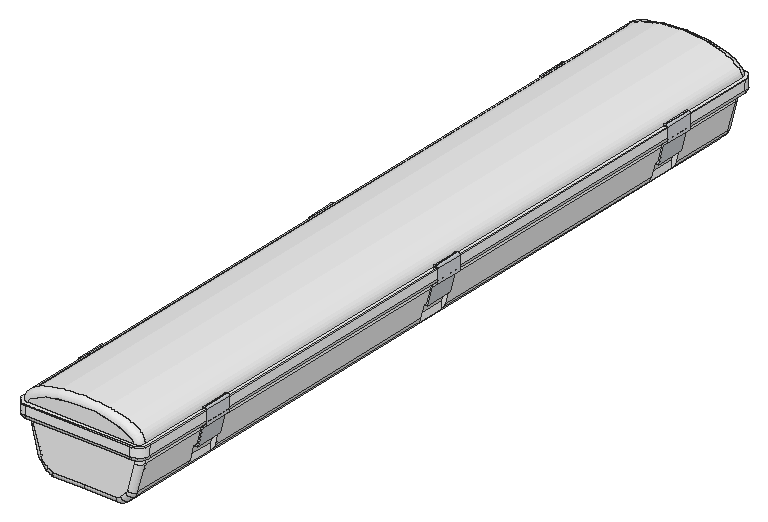
Revit family "0048771 Feilo Sylvania Lighting Fixture HYDROPROOF LED G3 600MM S 4K D", category Lighting Fixtures, host Face, Revit 2016
Family settings
  Host = Face
  Part Type = Normal
  Round Connector Dimension = Use Diameter
  OmniClass Number = 23.80.70.11.14
  OmniClass Title = General Luminaries, Directional
  Cut with Voids When Loaded = No
  Light Source = Yes
  Shared = No
  Room Calculation Point = No
Parameters (values of type "0048771 HYDROPROOF LED G3 600MM S 4K D")
  Width = 110 mm
  Weight = "1.12 kg"
  Wattage Comments = "n/a"
  Wattage = 14 W
  WarrantyStartDate [instance] = "n/a"
  WarrantyGuarantorParts = "n/a"
  WarrantyDurationUnit = "n/a"
  WarrantyDurationParts = "n/a"
  WarrantyDescription = "n/a"
  built-in parameter 1150110 = 1 (stored number, unit not read)
  Voltage = 230 V
  URL = "http://www.sylvania-lighting.com"
  TypeName = "HYDROPROOF LED G3 600MM S 4K D"
  Type Image = <None>
  Type Comments = "n/a"
  built-in parameter 1114217 = 1 (stored number, unit not read)
  Tilt Angle = -90.00°
  built-in parameter 1150109 = 1 (stored number, unit not read)
  built-in parameter 1150134 = 12
  built-in parameter 1150113 = 1 (stored number, unit not read)
  SerialNumber [instance] = "n/a"
  ReflectorMaterial = none
  PowerFactor = 0
  PowerConsumption = "14 W"
  Photometric Web File = "0048771.ies"
  NominalWidth = 0 mm
  NominalLength = 665 mm
  NominalHeight = 78 mm
  Name = "HYDROPROOF LED G3 600MM S 4K D"
  ModelReference = "HYDROPROOF LED G3 600MM S 4K D"
  ModelNumber = "0048771"
  Model = "HYDROPROOF LED G3 600MM S 4K D"
  Material = "grp housing, pmma diffuser"
  ManufacturerName = "Feilo Sylvania"
  Manufacturer = "Feilo Sylvania"
  LuminousEfficacy = "135 lm/W"
  built-in parameter 1150105 = 150.4 (stored number, unit not read)
  Lumens = 1890 lm
  LuminaireType = ""
  built-in parameter 1150115 = 1 (stored number, unit not read)
  LightOutputRatio = "n/a"
  built-in parameter 1150137 = (empty or 0)
  built-in parameter 1150139 = (empty or 0)
  Length = 665 mm
  LampsType = Lamp  # "LED"
  LampNominalLuminous = "1900 lm"
  LampMacAdamStep = "3"
  LampColourTemperature = "4000 K"
  LampColourRenderingIndex = "80"
  built-in parameter 1150112 = 1 (stored number, unit not read)
  built-in parameter 1150114 = 1 (stored number, unit not read)
  Lamp = "LED"
  Keynote = "16500"
  InstallationDate [instance] = "n/a"
  InputVoltage = "220-240V~"
  InputNominalFrequency = "DC/50/60 Hz"
  built-in parameter 1150132 = (empty or 0)
  built-in parameter 1150102 = (empty or 0)
  built-in parameter 1150107 = 4000 (stored number, unit not read)
  built-in parameter 1150138 = (empty or 0)
  IngressProtection = "IP65"
  ImpactProtectionIndex = "IK02"
  built-in parameter 1150106 = 1.504 (stored number, unit not read)
  IfcExportType = "IfcLightFixtureType"
  IfcExportAs = "IfcLightFixtureType"
  ExpectedLife = 50000
  Emit from Rectangle Width = Width - 20 mm  # 90 mm
  Emit from Rectangle Length = Length - 20 mm  # 645 mm
  Emit Shape Visible in Rendering = no
  ElectricShockClassification = "Class I"
  built-in parameter 1150104 = 12.542 (stored number, unit not read)
  DurationUnit = "hours"
  DocumentationLiterature = "http://www.sylvania-lighting.com/product/en-int/products/0048771"
  DimmingControlOptions = "Dimmable"
  Dimming Lamp Color Temperature Shift = <None>
  DiffuserMaterial = Diffuser-Sylvania-Transparent
  Description = "Hydroproof, integrated LED chemical resistant weatherproof luminaire, with UV stabilized flat diffuser and linear prisms designed to achieve uniform lit appearance, optimise light output and to reduce glare, stainless steel diffuser clips and fixing brackets for surface and wall mounting. L 665 mm x W 110 mm x H 78 mm size, GRP housing, PMMA diffuser, DALI dimmable, 4000K, CRI80,  1900 lm, 14 W, 135 lm/W, nominal average life (h):50000, energy class: A++ A+ A Class I,IK02, IP65."
  Default Elevation = 1219.2 mm
  CreatedOn = "3/27/2018"
  CreatedBy = "aron.fodor@feilosylvania.com"
  Cost = 0
  Color Filter = 16777215
  built-in parameter 1114216 [instance] = (empty or 0)
  ClassificationValue = "EF_70_80"
  ClassificationName = "Uniclass2015"
  BracketOffset_FEILO = 360 mm
  BodyMaterial = Body-Sylvania-Gray
  BarCode [instance] = "n/a"
  built-in parameter 1114218 = 1 (stored number, unit not read)
  built-in parameter 1150133 = 10 (stored number, unit not read)
  AssetType = "Fixed"
  AssetIdentifier [instance] = "n/a"
  Assembly Code = "D5020200"
  Apparent Load = 14 VA
  AccessoryMaterial = Diffuser-Sylvania-Glow
Reference planes
  plane 1 "Center (Front/Back)": y = 0
  plane 2: z = 0
  plane 3 "Center (Left/Right)": x = 0
  plane 4: z = 54
  plane 5: x = -27.7
  plane 6: x = -34.8
  plane 7: x = -39.6
  plane 8: x = -42.2
  plane 9: z = 3
  plane 10: z = 7.8
  plane 11: z = 12.3
  plane 12: z = 36.6
  plane 13: z = 42.8
  plane 14: x = -51.1
  plane 15: z = 46.2
  plane 16: x = -55
  plane 17: y = 332.5
  plane 18: y = -332.5
  plane 19: x = 27.7
  plane 20: x = 34.8
  plane 21: x = 39.6
  plane 22: x = 42.2
  plane 23: x = 51.1
  plane 24: x = 55
  plane 25: y = 324.9
  plane 26: y = -324.9
  plane 27: y = -321.2
  plane 28: y = 321.2
  plane 29: z = 74
  plane 30: x = -51.5
  plane 31: x = 51.5
  plane 32: z = 55.2
  plane 33: y = -329
  plane 34: y = 329
  plane 35: x = -37.5
  plane 36: x = 37.5
  plane 37: x = -48.7
  plane 38: x = 48.7
  plane 39: z = 50.2
  plane 40: z = 24.6
  plane 41: y = 720
  plane 42: y = 706
  plane 43: y = 734
  plane 44: y = 250
  plane 45: y = 236
  plane 46: y = 264
  plane 47: y = 0
  plane 48: y = -14
  plane 49: y = 14
  plane 50: y = -250
  plane 51: y = -264
  plane 52: y = -236
Forms (mm)
  Sweep 1, solid, material "Body-Sylvania-Gray" <- "BodyMaterial", detail levels medium+fine
    path origin (1223.4, -4572, 54) x (0, -1, 0) y (1, 0, 0)
      loop
        arc (-4249.5, -1278.4) -> (-4242.429, -1275.471) -> (-4239.5, -1268.4) r 10
        line (-4239.5, -1268.4) -> (-4239.5, -1178.4)
        arc (-4239.5, -1178.4) -> (-4242.429, -1171.329) -> (-4249.5, -1168.4) r 10
        line (-4249.5, -1168.4) -> (-4894.5, -1168.4)
        arc (-4894.5, -1168.4) -> (-4901.571, -1171.329) -> (-4904.5, -1178.4) r 10
        line (-4904.5, -1178.4) -> (-4904.5, -1268.4)
        arc (-4904.5, -1268.4) -> (-4901.571, -1275.471) -> (-4894.5, -1278.4) r 10
        line (-4894.5, -1278.4) -> (-4249.5, -1278.4)
    profile origin (-55, 0, 54) x (-1, 0, 0) y (0, 0, 1)
      loop
        line (0, 0) -> (-1, 0) -> (-1, -7.726)
        arc (-1, -7.726) -> (-1.994, -9.498) -> (-3.9, -10.2) r 2.937
        line (-3.9, -10.2) -> (-8.571, -10.2) -> (-8.571, -11.2) -> (-3.9, -11.2)
        arc (-3.9, -11.2) -> (-1.313, -10.231) -> (0, -7.8) r 3.937
        line (0, -7.8) -> (0, 0)
  Sweep 2, solid, material "Body-Sylvania-Gray" <- "BodyMaterial", detail levels medium+fine
    path origin (0, 0, 0) x (1, 0, 0) y (0, 0, 1)
      loop
        line (48.7, 42.8) -> (48.7, 36.6) -> (42.203, 12.31)
        arc (42.203, 12.31) -> (41.199, 9.884) -> (39.6, 7.8) r 10.052
        line (39.6, 7.8) -> (34.8, 3)
        arc (34.8, 3) -> (31.554, 0.781) -> (27.7, 0) r 9.902
        line (27.7, 0) -> (0, 0) -> (-27.7, 0)
        arc (-27.7, 0) -> (-31.554, 0.781) -> (-34.8, 3) r 9.902
        line (-34.8, 3) -> (-39.6, 7.8)
        arc (-39.6, 7.8) -> (-41.199, 9.884) -> (-42.203, 12.31) r 10.052
        line (-42.203, 12.31) -> (-48.7, 36.6) -> (-48.7, 42.8)
    profile origin (0, 0, 0) x (0, 0, -1) y (0, -1, 0)
      loop
        arc (0, 319.9) -> (-1.464, 323.436) -> (-5, 324.9) r 5
        line (-5, 324.9) -> (-7.8, 324.9) -> (-7.8, -324.9) -> (-5, -324.9)
        arc (-5, -324.9) -> (-1.464, -323.436) -> (0, -319.9) r 5
        line (0, -319.9) -> (0, 319.9)
  Extrusion 3, solid, material "Body-Sylvania-Gray" <- "BodyMaterial", detail levels medium+fine
    sketch origin (1524, 324.9, 1219.2) x (1, 0, 0) y (0, 0, 1)
      loop
        arc (-1558.668, -1204.874) -> (-1558.443, -1205.418) -> (-1558.085, -1205.885) r 2.252
        line (-1558.085, -1205.885) -> (-1553.231, -1210.738)
        arc (-1553.231, -1210.738) -> (-1552.534, -1211.227) -> (-1551.7, -1211.4) r 2.102
        line (-1551.7, -1211.4) -> (-1496.3, -1211.4)
        arc (-1496.3, -1211.4) -> (-1495.466, -1211.227) -> (-1494.769, -1210.738) r 2.102
        line (-1494.769, -1210.738) -> (-1489.915, -1205.885)
        arc (-1489.915, -1205.885) -> (-1489.557, -1205.418) -> (-1489.332, -1204.874) r 2.252
        line (-1489.332, -1204.874) -> (-1483.1, -1181.575) -> (-1483.1, -1176.4) -> (-1564.9, -1176.4) -> (-1564.9, -1181.575) -> (-1558.668, -1204.874)
    from 0 to 649.8
  Sweep 4, solid, material "Diffuser-Sylvania-Transparent" <- "DiffuserMaterial", detail levels medium+fine
    path origin (0, 0, 0) x (1, 0, 0) y (0, 0, 1)
      loop
        spline (-51.5, 55.2) -> (-49.745, 60.066) -> (-44.6, 64.6) -> (-36.416, 68.494) -> (-25.75, 71.481) -> (-13.329, 73.359) -> (0, 74) -> (13.329, 73.359) -> (25.75, 71.481) -> (36.416, 68.494) -> (44.6, 64.6) -> (49.745, 60.066) -> (51.5, 55.2)
    profile origin (51.5, 0, 55.2) x (0, -1, 0) y (1, 0, 0)
      loop
        arc (329, -5.5) -> (327.389, -1.611) -> (323.5, 0) r 5.5
        line (323.5, 0) -> (-323.5, 0)
        arc (-323.5, 0) -> (-327.389, -1.611) -> (-329, -5.5) r 5.5
        line (-329, -5.5) -> (-329, -6.3) -> (-328, -6.3) -> (-328, -5.5)
        arc (-328, -5.5) -> (-326.682, -2.318) -> (-323.5, -1) r 4.5
        line (-323.5, -1) -> (323.5, -1)
        arc (323.5, -1) -> (326.682, -2.318) -> (328, -5.5) r 4.5
        line (328, -5.5) -> (328, -6.347) -> (329, -6.347) -> (329, -5.5)
  Extrusion 5, solid, material "Diffuser-Sylvania-Transparent" <- "DiffuserMaterial", detail levels medium+fine
    sketch origin (1524, -329, 1219.2) x (1, 0, 0) y (0, 0, 1)
      loop
        line (-1569.653, -1164) -> (-1478.347, -1164)
        spline (-1478.347, -1164) -> (-1478.969, -1162.594) -> (-1482.527, -1159.545) -> (-1489.588, -1156.201) -> (-1499.458, -1153.445) -> (-1511.242, -1151.663) -> (-1524, -1151.049) -> (-1536.758, -1151.663) -> (-1548.542, -1153.445) -> (-1558.412, -1156.201) -> (-1565.473, -1159.545) -> (-1569.031, -1162.594) -> (-1569.653, -1164)
    from 0 to -1
  Extrusion 6, solid, material "Diffuser-Sylvania-Transparent" <- "DiffuserMaterial", detail levels medium+fine
    sketch origin (1524, 329, 1219.2) x (1, 0, 0) y (0, 0, 1)
      loop
        spline (-1478.3, -1164) -> (-1478.931, -1162.565) -> (-1482.502, -1159.505) -> (-1489.572, -1156.155) -> (-1499.446, -1153.394) -> (-1511.236, -1151.614) -> (-1524, -1151.007) -> (-1536.764, -1151.614) -> (-1548.554, -1153.394) -> (-1558.428, -1156.155) -> (-1565.498, -1159.505) -> (-1569.069, -1162.565) -> (-1569.7, -1164)
        line (-1569.7, -1164) -> (-1478.3, -1164)
    from 0 to 1
  Extrusion 7, solid, material "Diffuser-Sylvania-Transparent" <- "DiffuserMaterial", detail levels medium+fine
    sketch origin (1223.4, -4572, 55.2) x (0, -1, 0) y (-1, 0, 0)
      loop
        arc (-4900, 1177.4) -> (-4898.682, 1174.218) -> (-4895.5, 1172.9) r 4.5
        line (-4895.5, 1172.9) -> (-4248.5, 1172.9)
        arc (-4248.5, 1172.9) -> (-4245.318, 1174.218) -> (-4244, 1177.4) r 4.5
        line (-4244, 1177.4) -> (-4244, 1269.4)
        arc (-4244, 1269.4) -> (-4245.318, 1272.582) -> (-4248.5, 1273.9) r 4.5
        line (-4248.5, 1273.9) -> (-4895.5, 1273.9)
        arc (-4895.5, 1273.9) -> (-4898.682, 1272.582) -> (-4900, 1269.4) r 4.5
        line (-4900, 1269.4) -> (-4900, 1177.4)
      loop
        line (-4904.5, 1268.4) -> (-4904.5, 1178.4)
        arc (-4904.5, 1178.4) -> (-4901.571, 1171.329) -> (-4894.5, 1168.4) r 10
        line (-4894.5, 1168.4) -> (-4249.5, 1168.4)
        arc (-4249.5, 1168.4) -> (-4242.429, 1171.329) -> (-4239.5, 1178.4) r 10
        line (-4239.5, 1178.4) -> (-4239.5, 1268.4)
        arc (-4239.5, 1268.4) -> (-4242.429, 1275.471) -> (-4249.5, 1278.4) r 10
        line (-4249.5, 1278.4) -> (-4894.5, 1278.4)
        arc (-4894.5, 1278.4) -> (-4901.571, 1275.471) -> (-4904.5, 1268.4) r 10
    from 0 to 1.2
  Extrusion 8, solid, material "Diffuser-Sylvania-Glow" <- "AccessoryMaterial", detail levels fine
    sketch origin (0, 0, 0) x (1, 0, 0) y (0, 0, 1)
      loop
        circle (0, 50.2) r 8
    from -321.2 to 321.2
  Extrusion 9, solid, material "Body-Sylvania-Gray" <- "BodyMaterial", detail levels coarse
    sketch origin (0, 0, 0) x (1, 0, 0) y (0, 0, 1)
      loop
        line (55, 42.8) -> (55, 55.2) -> (-55, 55.2) -> (-55, 42.791) -> (-42.2, 0) -> (42.2, 0) -> (55, 42.8)
    from -332.5 to 332.5
  Extrusion 10, solid, material "Diffuser-Sylvania-Transparent" <- "DiffuserMaterial", detail levels coarse
    sketch origin (0, 0, 0) x (1, 0, 0) y (0, 0, 1)
      loop
        arc (51.5, 55.2) -> (0, 74) -> (-51.5, 55.2) r 79.939
        line (-51.5, 55.2) -> (51.5, 55.2)
    from 324.9 to -324.9
  Extrusion 11, void, not visible
    sketch origin (0, 720, 2343.807) x (0, 0, -1) y (-1, 0, 0)
      loop
        line (2340.807, -37.5) -> (2331.507, -37.5) -> (2319.207, -42.2) -> (2319.207, -48.7) -> (2340.807, -48.7) -> (2340.807, -37.5)
      loop
        line (2340.807, 37.5) -> (2340.807, 48.7) -> (2319.207, 48.7) -> (2319.207, 42.2) -> (2331.507, 37.5) -> (2340.807, 37.5)
    from -14 to 14
  Extrusion 12, void
    sketch origin (0, 250, 2343.807) x (0, 0, -1) y (-1, 0, 0)
      loop
        line (2340.807, -37.5) -> (2331.507, -37.5) -> (2319.207, -42.2) -> (2319.207, -48.7) -> (2340.807, -48.7) -> (2340.807, -37.5)
      loop
        line (2340.807, 37.5) -> (2340.807, 48.7) -> (2319.207, 48.7) -> (2319.207, 42.2) -> (2331.507, 37.5) -> (2340.807, 37.5)
    from -14 to 14
  Extrusion 13, void
    sketch origin (0, 0, 2343.807) x (0, 0, -1) y (-1, 0, 0)
      loop
        line (2340.807, -37.5) -> (2331.507, -37.5) -> (2319.207, -42.2) -> (2319.207, -48.7) -> (2340.807, -48.7) -> (2340.807, -37.5)
      loop
        line (2340.807, 37.5) -> (2340.807, 48.7) -> (2319.207, 48.7) -> (2319.207, 42.2) -> (2331.507, 37.5) -> (2340.807, 37.5)
    from -14 to 14
  Extrusion 14, void
    sketch origin (0, -250, 2343.807) x (0, 0, -1) y (-1, 0, 0)
      loop
        line (2340.807, -37.5) -> (2331.507, -37.5) -> (2319.207, -42.2) -> (2319.207, -48.7) -> (2340.807, -48.7) -> (2340.807, -37.5)
      loop
        line (2340.807, 37.5) -> (2340.807, 48.7) -> (2319.207, 48.7) -> (2319.207, 42.2) -> (2331.507, 37.5) -> (2340.807, 37.5)
    from -14 to 14
Cuts and joins
  Extrusion 12, Extrusion 13, Extrusion 14 cuts Sweep 2
  Extrusion 12, Extrusion 13, Extrusion 14 cuts Extrusion 3
  joined: Sweep 2, Extrusion 3
  joined: Sweep 4, Extrusion 5, Extrusion 6
Dimensions and locks
  locked: plane 4 to plane 2 at 54
  plane 5 to plane 6 to plane 7 to plane 8 to plane 14 to plane 16 = 7.1 mm locked, 4.8 mm locked, 2.6 mm locked, 8.9 mm, 3.9 mm
  plane 4 to plane 15 to plane 13 to plane 12 to plane 11 to plane 10 to plane 9 = 7.8 mm locked, 3.4 mm, 6.2 mm locked, 24.3 mm locked, 4.5 mm locked, 4.8 mm locked
  equal spacing: plane 18, plane 1 "Center (Front/Back)", plane 17
  "Length": plane 18 to plane 17
  plane 19 to plane 20 to plane 21 to plane 22 to plane 23 to plane 24 = 7.1 mm locked, 4.8 mm locked, 2.6 mm locked, 8.9 mm, 3.9 mm
  equal spacing: plane 24, plane 3 "Center (Left/Right)", plane 16
  "Width": plane 24 to plane 16
  equal spacing: plane 27, plane 1 "Center (Front/Back)", plane 28
  locked: plane 26 to plane 27 at 3.7
  locked: Sweep 1 sketch curve to profile plane at 1
  locked: Sweep 1 sketch curve to plane 13 at 1
  locked: Sweep 1 sketch curve to plane 13 at 3.937  (x2)
  locked: Sweep 1 sketch curve to profile plane at 3.9  (x2)
  locked: plane 29 to plane 4 at 20
  equal spacing: plane 31, plane 3 "Center (Left/Right)", plane 30
  locked: plane 30 to plane 16 at 3.5
  locked: plane 32 to plane 4 at 1.2
  equal spacing: plane 33, plane 1 "Center (Front/Back)", plane 34
  equal spacing: plane 36, plane 3 "Center (Left/Right)", plane 35
  locked: plane 3 "Center (Left/Right)" to plane 35 at 37.5
  locked: plane 34 to plane 17 at 3.5
  equal spacing: plane 38, plane 3 "Center (Left/Right)", plane 37
  locked: plane 37 to plane 16 at 6.3
  equal spacing: plane 25, plane 1 "Center (Front/Back)", plane 26
  locked: plane 17 to plane 25 at 7.6
  locked: Sweep 2 sketch curve to plane 2 at 5  (x2)
  locked: Sweep 2 sketch curve to plane 26 at 5
  locked: plane 25 to Sweep 2 sketch curve at 5
  locked: Sweep 4 sketch curve to plane 31 at 5.5  (x2)
  locked: Sweep 4 sketch curve to plane 34 at 5.5
  plane 33 to Sweep 4 sketch curve = 5.5 mm
  locked: plane 34 to Sweep 4 sketch curve at 1
  locked: Sweep 4 sketch curve to plane 31 at 1
  locked: Sweep 4 sketch curve to Sweep 4 sketch curve at 1
  locked: Sweep 4 sketch curve to plane 31 at 6.347
  locked: Sweep 4 sketch curve to plane 31 at 6.3
  locked: plane 40 to plane 2 at 24.6
  plane 43 to plane 41 to plane 42 = 14 mm locked, 14 mm locked
  plane 46 to plane 44 to plane 45 = 14 mm locked, 14 mm locked
  plane 49 to plane 47 to plane 48 = 14 mm locked, 14 mm locked
  plane 52 to plane 50 to plane 51 = 14 mm locked, 14 mm locked
  equal spacing: plane 44, plane 1 "Center (Front/Back)", plane 50
  locked: plane 44 to plane 1 "Center (Front/Back)" at 250
  aligned and locked: plane 2 to host face
  aligned and locked: level to host face
  aligned and locked: plane 16 to Sweep 1 sketch curve
  aligned and locked: Sweep 1 sketch curve to plane 24
  aligned and locked: plane 18 to Sweep 1 sketch curve
  aligned and locked: Sweep 1 sketch curve to plane 13
  aligned and locked: profile plane to Sweep 1 sketch curve
  aligned and locked: plane 3 "Center (Left/Right)" to Sweep 2 sketch curve
  aligned and locked: plane 9 to Sweep 2 sketch curve
  aligned and locked: plane 10 to Sweep 2 sketch curve
  aligned and locked: plane 37 to Sweep 2 sketch curve
  aligned and locked: plane 12 to Sweep 2 sketch curve
  aligned and locked: Sweep 2 sketch curve to level
  aligned and locked: plane 21 to Sweep 2 sketch curve
  aligned and locked: plane 38 to Sweep 2 sketch curve
  aligned and locked: profile plane to Sweep 2 sketch curve
  aligned and locked: plane 25 to Sweep 2 sketch curve
  aligned and locked: Sweep 2 sketch curve to plane 10
  aligned and locked: Extrusion 3 sketch curve to Sweep 2  (x7)
  aligned and locked: Sweep 2 to Extrusion 3 sketch curve
  aligned and locked: Extrusion 3 to plane 25
  aligned and locked: plane 26 to Extrusion 3
  aligned and locked: plane 32 to Sweep 4 sketch curve
  aligned and locked: plane 33 to Sweep 4 sketch curve
  aligned and locked: Sweep 4 to Extrusion 5
  aligned and locked: plane 33 to Extrusion 5
  aligned and locked: Extrusion 5 sketch curve to Sweep 4
  aligned and locked: cut or joined group of Sweep 4, Extrusion 5, Extrusion 6 to Extrusion 6 sketch curve
  aligned and locked: Extrusion 7 sketch curve to cut or joined group of Sweep 4, Extrusion 5, Extrusion 6  (x2)
  aligned and locked: cut or joined group of Sweep 4, Extrusion 5, Extrusion 6 to Extrusion 7 sketch curve  (x2)
  aligned and locked: plane 39 to Extrusion 8 sketch curve
  aligned and locked: plane 27 to Extrusion 8
  aligned and locked: Extrusion 8 to plane 28
  aligned and locked: Extrusion 7 sketch curve to Sweep 1  (x4)
  aligned and locked: plane 4 to Extrusion 7
  aligned and locked: Extrusion 7 to plane 32
  aligned and locked: Extrusion 9 sketch curve to plane 24
  aligned and locked: Extrusion 9 sketch curve to Extrusion 7
  aligned and locked: plane 8 to Extrusion 9 sketch curve
  aligned and locked: plane 22 to Extrusion 9 sketch curve
  aligned and locked: level to Extrusion 9 sketch curve
  aligned and locked: Extrusion 9 to plane 17
  aligned and locked: plane 18 to Extrusion 9
  aligned and locked: cut or joined group of Sweep 4, Extrusion 5, Extrusion 6 to Extrusion 10 sketch curve
  aligned and locked: Extrusion 10 sketch curve to cut or joined group of Sweep 4, Extrusion 5, Extrusion 6  (x2)
  aligned and locked: plane 31 to Extrusion 10 sketch curve
  aligned and locked: plane 30 to Extrusion 10 sketch curve
  aligned and locked: plane 26 to Extrusion 10
  aligned and locked: Extrusion 10 to plane 25
  aligned and locked: imposter light to plane 29
  aligned and locked: plane 3 "Center (Left/Right)" to imposter light
  aligned and locked: plane 1 "Center (Front/Back)" to imposter light
  aligned and locked: plane 45 to Extrusion 12
  aligned and locked: Extrusion 12 to plane 46
  aligned and locked: plane 48 to Extrusion 13
  aligned and locked: Extrusion 13 to plane 49
  aligned and locked: plane 51 to Extrusion 14
  aligned and locked: Extrusion 14 to plane 52
  aligned and locked: nested 1 to plane 44
  aligned and locked: plane 44 to nested 6
  aligned and locked: nested 2 to plane 47
  aligned and locked: plane 47 to nested 5
  aligned and locked: nested 3 to plane 50
  aligned and locked: plane 50 to nested 4
  aligned and locked: plane 47 to plane 1 "Center (Front/Back)"
  aligned and locked: plane 3 "Center (Left/Right)" to Extrusion 8 sketch curve
Automatic sketch dimensions
  host sketch curve to host sketch curve = 2438.4 mm  (x2)
  plane 17 to Sweep 1 sketch curve = 0 mm
  Sweep 1 sketch curve to plane 28 = 1.3 mm
  Sweep 1 sketch curve to plane 7 = 5.4 mm
  plane 27 to Sweep 1 sketch curve = 1.3 mm  (x2)
  Sweep 1 sketch curve to Sweep 1 sketch curve = 4.671 mm
  Sweep 1 sketch curve to plane 4 = 0 mm
  Sweep 2 sketch curve to plane 7 = 0 mm
  Sweep 2 sketch curve to plane 6 = 0 mm
  Sweep 2 sketch curve to plane 5 = 0 mm
  plane 19 to Sweep 2 sketch curve = 0 mm
  Sweep 2 sketch curve to plane 9 = 0 mm
  plane 20 to Sweep 2 sketch curve = 0 mm
  Sweep 2 sketch curve to plane 12 = 0 mm
  Sweep 2 sketch curve to plane 10 = 0 mm
  Sweep 2 sketch curve to plane 13 = 0 mm  (x2)
  Sweep 2 sketch curve to plane 8 = 0.003 mm
  plane 6 to Sweep 2 sketch curve = 2.308 mm
  plane 20 to Sweep 2 sketch curve = 2.308 mm
  Sweep 2 sketch curve to plane 22 = 0.003 mm
  Sweep 2 sketch curve to plane 11 = 0.01 mm  (x2)
  Extrusion 3 sketch curve to plane 5 = 0 mm
  plane 19 to Extrusion 3 sketch curve = 0 mm
  plane 6 to Extrusion 3 sketch curve = 0.132 mm
  plane 6 to Extrusion 3 sketch curve = 0.715 mm
  Extrusion 3 sketch curve to Extrusion 3 sketch curve = 1.592 mm
  Extrusion 3 sketch curve to plane 10 = 0.662 mm  (x2)
  plane 20 to Extrusion 3 sketch curve = 2.308 mm
  plane 20 to Extrusion 3 sketch curve = 0.715 mm
  plane 20 to Extrusion 3 sketch curve = 0.132 mm
  Sweep 4 sketch curve to plane 30 = 0 mm
  Sweep 4 sketch curve to plane 3 "Center (Left/Right)" = 0 mm
  Sweep 4 sketch curve to Sweep 4 sketch curve = 0 mm  (x2)
  plane 37 to Extrusion 5 sketch curve = 3.047 mm
  Extrusion 5 sketch curve to plane 38 = 3.047 mm
  plane 37 to Extrusion 6 sketch curve = 3 mm
  Extrusion 6 sketch curve to plane 38 = 3 mm
  plane 25 to Extrusion 7 sketch curve = 1.4 mm  (x2)
  Extrusion 7 sketch curve to plane 26 = 1.4 mm  (x2)
  Extrusion 9 sketch curve to plane 13 = 0 mm
  plane 13 to Extrusion 9 sketch curve = 0.009 mm
  Extrusion 10 sketch curve to level = 5.939 mm
  Extrusion 9 sketch curve to plane 16 = 0 mm
  Extrusion 11 sketch curve to Extrusion 11 sketch curve = 0 mm
  Extrusion 11 sketch curve to Extrusion 11 sketch curve = 12.3 mm  (x2)
  Extrusion 11 sketch curve to Extrusion 11 sketch curve = 9.3 mm  (x2)
  Extrusion 11 sketch curve to Extrusion 11 sketch curve = 6.5 mm
  Extrusion 11 sketch curve to Extrusion 11 sketch curve = 4.7 mm  (x2)
  Extrusion 11 sketch curve to Extrusion 11 sketch curve = 75 mm
  Extrusion 11 sketch curve to Extrusion 11 sketch curve = 11.2 mm
  Extrusion 12 sketch curve to Extrusion 12 sketch curve = 0 mm
  Extrusion 12 sketch curve to Extrusion 12 sketch curve = 12.3 mm  (x2)
  Extrusion 12 sketch curve to Extrusion 12 sketch curve = 9.3 mm  (x2)
  Extrusion 12 sketch curve to Extrusion 12 sketch curve = 6.5 mm
  Extrusion 12 sketch curve to Extrusion 12 sketch curve = 4.7 mm  (x2)
  Extrusion 12 sketch curve to Extrusion 12 sketch curve = 75 mm
  Extrusion 12 sketch curve to Extrusion 12 sketch curve = 11.2 mm
  Extrusion 13 sketch curve to Extrusion 13 sketch curve = 0 mm
  Extrusion 13 sketch curve to Extrusion 13 sketch curve = 12.3 mm  (x2)
  Extrusion 13 sketch curve to Extrusion 13 sketch curve = 9.3 mm  (x2)
  Extrusion 13 sketch curve to Extrusion 13 sketch curve = 6.5 mm
  Extrusion 13 sketch curve to Extrusion 13 sketch curve = 4.7 mm  (x2)
  Extrusion 13 sketch curve to Extrusion 13 sketch curve = 75 mm
  Extrusion 13 sketch curve to Extrusion 13 sketch curve = 11.2 mm
  Extrusion 14 sketch curve to Extrusion 14 sketch curve = 0 mm
  Extrusion 14 sketch curve to Extrusion 14 sketch curve = 12.3 mm  (x2)
  Extrusion 14 sketch curve to Extrusion 14 sketch curve = 9.3 mm  (x2)
  Extrusion 14 sketch curve to Extrusion 14 sketch curve = 6.5 mm
  Extrusion 14 sketch curve to Extrusion 14 sketch curve = 4.7 mm  (x2)
  Extrusion 14 sketch curve to Extrusion 14 sketch curve = 75 mm
  Extrusion 14 sketch curve to Extrusion 14 sketch curve = 11.2 mm
  radius of Extrusion 8 sketch curve = 8 mm
Nested families
  nested 1: "Clip" at (-42.2, 250, 24.6) x (-1, 0, 0) z (0, 0, 1), type "Clip", detail levels fine
  nested 2: "Clip" at (-42.2, 0, 24.6) x (-1, 0, 0) z (0, 0, 1), type "Clip", detail levels fine
  nested 3: "Clip" at (-42.2, -250, 24.6) x (-1, 0, 0) z (0, 0, 1), type "Clip", detail levels fine
  nested 4: "Clip" at (42.2, -250, 24.6), type "Clip", detail levels fine
  nested 5: "Clip" at (42.2, 0, 24.6), type "Clip", detail levels fine
  nested 6: "Clip" at (42.2, 250, 24.6), type "Clip", detail levels fine
Connectors
  electrical at (0, 0, 0), driven by "Apparent Load"
    settings: index 1, voltage 230 V, apparent load 14 VA, apparent load phase1 0 VA, apparent load phase2 0 VA, apparent load phase3 0 VA, power factor 0, load classification "Lighting", number of poles 1, system type 30, power factor state 1, is connector primary yes, connector utility no, sub classification motor no, connector description ""
Definition of nested family "Clip"
  Parameters (values of type "Clip")
    URL = "http://www.feilosylvania.com"
    Type Comments = "n/a"
    Model = "n/a"
    Manufacturer = "Feilo Sylvania"
    Keynote = "n/a"
    Description = "n/a"
    Default Elevation = 1219.2 mm
    Cost = 0
    BodyMaterial = none
    Assembly Code = "n/a"
  Reference planes
    plane 1 "Center (Front/Back)": y = 0
    plane 2: z = 0
    plane 3 "Center (Left/Right)": x = 0
    plane 4: x = 3.3
    plane 5: x = 6.5
    plane 6: x = 8.9
    plane 7: x = 12.8
    plane 8: z = 12
    plane 9: z = 18.2
    plane 10: z = 21.6
    plane 11: z = 30.6
    plane 12: x = 9.3
    plane 13: z = 19.2
    plane 14: z = 16.2
    plane 15: x = 10.1
    plane 16: y = 12
    plane 17: y = -12
  Forms (mm)
    Extrusion 1, solid
      sketch origin (-0.8, 0, 0) x (1, 0, 0) y (0, 1, 0)
        loop
          line (-1219.2, 1219.2) -> (-1219.2, -1219.2) -> (1219.2, -1219.2) -> (1219.2, 1219.2) -> (-1219.2, 1219.2)
      from 0 to -304.8
    Extrusion 2, solid
      sketch origin (0, 0, 0) x (1, 0, 0) y (0, 0, 1)
        loop
          line (8.9, 16.2) -> (4.58, 0) -> (0, 0) -> (0, -0.8) -> (5.195, -0.8) -> (9.603, 15.731) -> (13.6, 18.806) -> (13.6, 30.6)
          arc (13.6, 30.6) -> (11.45, 32.75) -> (9.3, 30.6) r 2.15
          line (9.3, 30.6) -> (10.1, 30.6)
          arc (10.1, 30.6) -> (11.45, 31.95) -> (12.8, 30.6) r 1.35
          line (12.8, 30.6) -> (12.8, 19.2) -> (8.9, 16.2)
      from -12 to 12
  Lines and regions (mm)
    reference lines
      curve 1: line (3.3, 0, 0) -> (6.5, 0, 12)
      curve 2: arc (8.9, 0, 18.2) -> (11.488, 0, 19.169) -> (12.8, 0, 21.6) r 3.934
  Dimensions and locks
    plane 7 to plane 6 to plane 5 to plane 4 to plane 3 "Center (Left/Right)" = 3.9 mm locked, 2.4 mm locked, 3.2 mm locked, 3.3 mm locked
    plane 11 to plane 10 to plane 9 to plane 8 to plane 2 = 9 mm locked, 3.4 mm locked, 6.2 mm locked, 12 mm locked
    locked: plane 7 to plane 12 at 3.5
    locked: plane 13 to plane 9 at 1
    locked: plane 9 to plane 14 at 2
    locked: plane 15 to plane 12 at 0.8
    locked: plane 2 to Extrusion 2 sketch curve at 0.8
    locked: Extrusion 2 sketch curve to Extrusion 2 sketch curve at 0.8  (x3)
    locked: plane 7 to Extrusion 2 sketch curve at 1.35
    equal spacing: plane 17, plane 1 "Center (Front/Back)", plane 16
    locked: plane 1 "Center (Front/Back)" to plane 16 at 12
    aligned and locked: plane 2 to Extrusion 1
    aligned and locked: level to Extrusion 1
    aligned and locked: plane 4 to curve 1
    aligned and locked: plane 5 to curve 1
    aligned and locked: plane 6 to curve 2
    aligned and locked: plane 10 to curve 2
    aligned and locked: plane 14 to Extrusion 2 sketch curve
    aligned and locked: plane 13 to Extrusion 2 sketch curve
    aligned and locked: plane 7 to Extrusion 2 sketch curve
    aligned and locked: plane 3 "Center (Left/Right)" to Extrusion 2 sketch curve
    aligned and locked: Extrusion 2 sketch curve to level
    aligned and locked: Extrusion 2 sketch curve to plane 11
    aligned and locked: plane 11 to Extrusion 2 sketch curve
    aligned and locked: Extrusion 2 to plane 16
    aligned and locked: plane 17 to Extrusion 2
  Automatic sketch dimensions
    Extrusion 1 sketch curve to Extrusion 1 sketch curve = 2438.4 mm  (x2)
    curve 2 to plane 7 = 0 mm
    curve 1 to level = 0 mm
    curve 1 to plane 8 = 0 mm
    curve 2 to plane 9 = 0 mm
    plane 6 to curve 2 = 0.002 mm
    Extrusion 2 sketch curve to Extrusion 2 sketch curve = 0 mm
    Extrusion 2 sketch curve to plane 6 = 0 mm
    plane 4 to Extrusion 2 sketch curve = 1.28 mm
